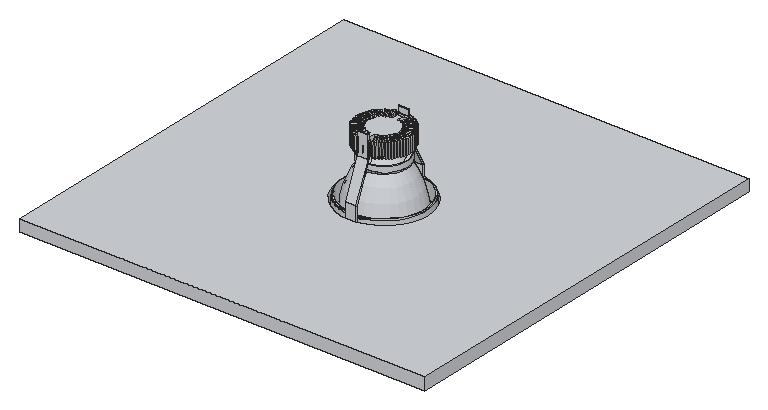
Revit family "VPX143 Downlighter", category Lighting Fixtures, Revit 2014
Parameters (values of type "VPX143")
  Wattage Comments = "19.5"
  Wattage = 19.5 W
  built-in parameter 1150110 = 1 (stored number, unit not read)
  Type Comments = "Recessed"
  Type = "VPX143"
  built-in parameter 1114217 = 1 (stored number, unit not read)
  built-in parameter 1150109 = 1 (stored number, unit not read)
  built-in parameter 1150134 = (empty or 0)
  built-in parameter 1150113 = 1 (stored number, unit not read)
  O/A Diameter (mm) = "143"
  Model = "VPX143"
  Manufacturer = "Designed Architectural Lighting"
  Luminous flux of luminaire (lm) = "2000"
  Lumens = 1998.75 lm
  built-in parameter 1150115 = 1 (stored number, unit not read)
  built-in parameter 1150105 = 636.22 (stored number, unit not read)
  Light Source Symbol Size = 609.6 mm
  built-in parameter 1150137 = (empty or 0)
  built-in parameter 1150139 = (empty or 0)
  built-in parameter 1150112 = 1 (stored number, unit not read)
  built-in parameter 1150114 = 1 (stored number, unit not read)
  Lamp = "LED"
  built-in parameter 1150132 = (empty or 0)
  built-in parameter 1150102 = (empty or 0)
  built-in parameter 1150138 = (empty or 0)
  built-in parameter 1150107 = 3000 (stored number, unit not read)
  built-in parameter 1150106 = 6.3622 (stored number, unit not read)
  Height (mm) = "125"
  built-in parameter 1150104 = 9.5226 (stored number, unit not read)
  Dimming Lamp Color Temperature Shift = <None>
  Description = "Recessed low brightness LED downlighter"
  Cut Out (mm) = "131"
  Colour temperature (K) = "27000/3000/3500/4000"
  Color Filter = 16777215
  CRI = "80"
  built-in parameter 1114218 = 1 (stored number, unit not read)
  built-in parameter 1150133 = 10 (stored number, unit not read)
  Apparent Load = 19.5 VA
  Aperture (mm) = "100"
Reference planes
  plane 1 "Light Source Axis (F/B)": y = 0
  plane 2: z = 0
  plane 3 "Light Source Axis (L/R)": x = 0
  plane 4 "Light Source Elevation": z = 0
Forms (mm)
  Revolve 1, solid
    sketch origin (0, 0, 0) x (0, 1, 0) y (0, 0, 1)
      loop
        line (32.218, 76.537) -> (28.444, 76.537)
        arc (28.444, 76.537) -> (26.215, 75.748) -> (24.979, 73.732) r 3.542
        arc (24.979, 73.732) -> (15.057, 61.32) -> (0, 56.241) r 28.205
        line (0, 56.241) -> (0, 53.625)
        arc (0, 53.625) -> (17.499, 59.158) -> (28.444, 73.891) r 29.818
        line (28.444, 73.891) -> (32.218, 73.891) -> (32.218, 76.537)
      axis (0, 76.537) -> (0, 53.625)
    angle from 0 to 360
  Extrusion 2, solid
    sketch origin (1.875, -0.625, 0) x (1, 0, 0) y (0, 1, 0)
      loop
        line (-8.491, -38.066) -> (-8.491, -39.735) -> (6.509, -39.735) -> (6.509, -38.066) -> (-8.491, -38.066)
    from 92.996 to 125.22
  Extrusion 3, solid
    sketch origin (2.075, 80.578, 0) x (1, 0, 0) y (0, 1, 0)
      loop
        line (-9.083, -44.263) -> (-9.083, -45.652) -> (5.917, -45.652) -> (5.917, -44.263) -> (-9.083, -44.263)
    from 92.996 to 126.242
  Extrusion 4, solid
    sketch origin (2.075, -30.991, 0) x (1, 0, 0) y (0, 1, 0)
      loop
        line (-8.69, -30.82) -> (-8.69, -32.379) -> (6.31, -32.379) -> (6.31, -30.82) -> (-8.69, -30.82)
    from 3.8 to 40.975
  Extrusion 5, solid
    sketch origin (2.075, -21.759, 34.16) x (1, 0, 0) y (0, 0.914866, -0.403758)
      loop
        line (-8.69, -39.191) -> (-8.69, -40.839) -> (6.31, -40.839) -> (6.31, -39.191) -> (-8.69, -39.191)
    from -10.751 to 47.238
  Extrusion 6, solid
    sketch origin (2.075, 94.051, 69.507) x (1, 0, 0) y (0, 0.889554, 0.45683)
      loop
        line (-9.083, -40.714) -> (-9.083, -41.951) -> (5.917, -41.951) -> (5.917, -40.714) -> (-9.083, -40.714)
    from -11.237 to 48.07
  Extrusion 7, solid
    sketch origin (2.075, 110.905, 0) x (1, 0, 0) y (0, 1, 0)
      loop
        line (-9.083, -47.907) -> (-9.083, -49.183) -> (5.917, -49.183) -> (5.917, -47.907) -> (-9.083, -47.907)
    from 3.8 to 40.975
  Revolve 8, solid
    sketch origin (-0.002, -0.001, 0) x (0, 1, 0) y (0, 0, 1)
      loop
        line (51.509, 0) -> (61.509, 0) -> (61.509, 1.419) -> (53.446, 1.419)
        arc (53.446, 1.419) -> (47.529, 38.453) -> (29.678, 71.437) r 111.611
        arc (29.678, 71.437) -> (29.923, 72.028) -> (30.514, 72.273) r 0.836
        line (30.514, 72.273) -> (33.262, 72.273)
        arc (33.262, 72.273) -> (34.281, 72.91) -> (34.679, 74.044) r 1.816
        line (34.679, 74.044) -> (34.679, 82.273) -> (33.262, 82.273) -> (33.262, 73.732) -> (29.268, 73.732)
        arc (29.268, 73.732) -> (28.406, 72.748) -> (27.978, 71.512) r 3.409
        arc (27.978, 71.512) -> (46.014, 37.819) -> (51.509, 0) r 110.622
      axis (0, 82.273) -> (0, 0)
    angle from 0 to 360
  Revolve 9, solid
    sketch origin (0, -0.008, 0) x (0, 1, 0) y (0, 0, 1)
      loop
        line (71.987, 0) -> (71.987, 2.117) -> (63.944, 2.117) -> (63.944, 3.8) -> (61.663, 3.8) -> (61.663, 24.673) -> (60.84, 24.673) -> (60.84, 26.768) -> (59.68, 26.768) -> (59.68, 1.768) -> (61.999, 1.768) -> (61.999, 0) -> (71.987, 0)
      axis (0, 26.768) -> (0, 0)
    angle from 0 to 360
  Extrusion 10, solid
    sketch origin (-38.915, -66.166, 2.266) x (1, 0, 0) y (0, 1, 0)
      loop
        line (-261.085, 366.181) -> (-261.085, -233.819) -> (338.915, -233.819) -> (338.915, 366.181) -> (-261.085, 366.181)
      loop
        circle (38.915, 66.181) r 65.5
    from 0 to 18
  Revolve 11, solid
    sketch origin (0, 0, 0) x (0, 1, 0) y (0, 0, 1)
      loop
        line (32.58, 77.504) -> (25.618, 77.504) -> (19.543, 86.509)
        arc (19.543, 86.509) -> (19.242, 88.412) -> (20.857, 89.461) r 1.768
        line (20.857, 89.461) -> (27.065, 89.461)
        arc (27.065, 89.461) -> (28.652, 90.036) -> (29.779, 91.291) r 3.466
        line (29.779, 91.291) -> (29.779, 96.291) -> (28.776, 96.291) -> (28.776, 92.372)
        arc (28.776, 92.372) -> (28.206, 90.996) -> (26.83, 90.426) r 1.946
        line (26.83, 90.426) -> (20.734, 90.426)
        arc (20.734, 90.426) -> (18.503, 89.004) -> (18.665, 86.364) r 2.606
        line (18.665, 86.364) -> (25.283, 76.552) -> (32.58, 76.552) -> (32.58, 77.504)
      axis (0, 96.291) -> (0, 76.552)
    angle from 0 to 360
  Extrusion 12, solid
    sketch origin (0.632, -2.118, 0) x (0, 1, 0) y (-1, 0, 0)
      loop
        line (8.036, -21.346) -> (9.763, -25.224)
        arc (9.763, -25.224) -> (9.158, -26.377) -> (9.105, -27.677) r 2.965
        line (9.105, -27.677) -> (12.96, -37.219)
        arc (12.96, -37.219) -> (13.673, -37.522) -> (13.976, -36.809) r 0.548
        line (13.976, -36.809) -> (10.23, -27.537)
        arc (10.23, -27.537) -> (10.843, -26.092) -> (12.288, -26.705) r 1.11
        line (12.288, -26.705) -> (16.28, -35.672)
        arc (16.28, -35.672) -> (17.02, -35.956) -> (17.304, -35.216) r 0.56
        line (17.304, -35.216) -> (13.182, -25.959)
        arc (13.182, -25.959) -> (12.31, -24.958) -> (11.028, -24.618) r 2.262
        line (11.028, -24.618) -> (9.403, -20.596) -> (11.989, -19.445) -> (14.463, -22.849)
        arc (14.463, -22.849) -> (14.111, -24.102) -> (14.33, -25.385) r 2.965
        line (14.33, -25.385) -> (20.084, -33.917)
        arc (20.084, -33.917) -> (20.845, -34.065) -> (20.992, -33.305) r 0.548
        line (20.992, -33.305) -> (15.4, -25.014)
        arc (15.4, -25.014) -> (15.7, -23.474) -> (17.241, -23.773) r 1.11
        line (17.241, -23.773) -> (23.009, -31.713)
        arc (23.009, -31.713) -> (23.792, -31.837) -> (23.916, -31.055) r 0.56
        line (23.916, -31.055) -> (17.96, -22.857)
        arc (17.96, -22.857) -> (16.899, -22.059) -> (15.574, -21.994) r 2.262
        line (15.574, -21.994) -> (13.148, -18.397) -> (15.119, -16.427) -> (18.389, -19.585)
        arc (18.389, -19.585) -> (18.26, -20.88) -> (18.699, -22.105) r 2.965
        line (18.699, -22.105) -> (25.847, -29.508)
        arc (25.847, -29.508) -> (26.622, -29.522) -> (26.635, -28.747) r 0.548
        line (26.635, -28.747) -> (19.689, -21.554)
        arc (19.689, -21.554) -> (19.716, -19.985) -> (21.285, -20.012) r 1.11
        line (21.285, -20.012) -> (28.346, -26.83)
        arc (28.346, -26.83) -> (29.138, -26.816) -> (29.124, -26.024) r 0.56
        line (29.124, -26.024) -> (21.835, -18.985)
        arc (21.835, -18.985) -> (20.652, -18.383) -> (19.335, -18.549) r 2.262
        line (19.335, -18.549) -> (16.322, -15.429) -> (18.148, -13.304) -> (21.857, -15.622)
        arc (21.857, -15.622) -> (22.001, -16.916) -> (22.684, -18.023) r 2.965
        line (22.684, -18.023) -> (31.216, -23.778)
        arc (31.216, -23.778) -> (31.976, -23.63) -> (31.828, -22.87) r 0.548
        line (31.828, -22.87) -> (23.538, -17.278)
        arc (23.538, -17.278) -> (23.238, -15.737) -> (24.779, -15.438) r 1.11
        line (24.779, -15.438) -> (33.102, -20.639)
        arc (33.102, -20.639) -> (33.874, -20.461) -> (33.696, -19.689) r 0.56
        line (33.696, -19.689) -> (25.103, -14.319)
        arc (25.103, -14.319) -> (23.821, -13.977) -> (22.567, -14.412) r 2.262
        line (22.567, -14.412) -> (18.971, -11.987) -> (20.87, -9.394) -> (24.954, -10.962)
        arc (24.954, -10.962) -> (25.341, -12.204) -> (26.224, -13.161) r 2.965
        line (26.224, -13.161) -> (35.697, -17.182)
        arc (35.697, -17.182) -> (36.415, -16.892) -> (36.125, -16.174) r 0.548
        line (36.125, -16.174) -> (26.92, -12.267)
        arc (26.92, -12.267) -> (26.332, -10.811) -> (27.787, -10.224) r 1.11
        line (27.787, -10.224) -> (36.95, -13.741)
        arc (36.95, -13.741) -> (37.673, -13.419) -> (37.351, -12.695) r 0.56
        line (37.351, -12.695) -> (27.891, -9.063)
        arc (27.891, -9.063) -> (26.567, -8.972) -> (25.42, -9.639) r 2.262
        line (25.42, -9.639) -> (21.427, -7.944) -> (22.262, -3.209) -> (24.741, -3.209)
        arc (24.741, -3.209) -> (29.592, -5.948) -> (34.984, -7.347) r 21.462
        line (34.984, -7.347) -> (36.065, -8.428) -> (39.133, -8.428) -> (39.133, -7.36) -> (36.601, -7.36) -> (36.601, 7.64) -> (39.186, 7.64) -> (39.186, 8.514) -> (36.351, 8.514) -> (34.984, 7.592) -> (34.984, -2.408)
        arc (34.984, -2.408) -> (34.341, -3.853) -> (32.76, -3.798) r 1.415
        line (32.76, -3.798) -> (31.024, -2.537) -> (31.024, 3.409) -> (22.339, 3.409) -> (21.555, 7.853) -> (25.597, 9.568)
        arc (25.597, 9.568) -> (26.744, 8.901) -> (28.067, 8.992) r 2.262
        line (28.067, 8.992) -> (37.528, 12.624)
        arc (37.528, 12.624) -> (37.85, 13.348) -> (37.126, 13.67) r 0.56
        line (37.126, 13.67) -> (27.963, 10.153)
        arc (27.963, 10.153) -> (26.508, 10.741) -> (27.096, 12.196) r 1.11
        line (27.096, 12.196) -> (36.301, 16.103)
        arc (36.301, 16.103) -> (36.591, 16.821) -> (35.873, 17.111) r 0.548
        line (35.873, 17.111) -> (26.4, 13.09)
        arc (26.4, 13.09) -> (25.518, 12.133) -> (25.13, 10.891) r 2.965
        line (25.13, 10.891) -> (21.047, 9.323) -> (19.147, 11.916) -> (22.744, 14.341)
        arc (22.744, 14.341) -> (23.997, 13.906) -> (25.279, 14.248) r 2.262
        line (25.279, 14.248) -> (33.873, 19.618)
        arc (33.873, 19.618) -> (34.051, 20.39) -> (33.279, 20.568) r 0.56
        line (33.279, 20.568) -> (24.955, 15.367)
        arc (24.955, 15.367) -> (23.415, 15.666) -> (23.714, 17.207) r 1.11
        line (23.714, 17.207) -> (32.005, 22.799)
        arc (32.005, 22.799) -> (32.152, 23.559) -> (31.392, 23.707) r 0.548
        line (31.392, 23.707) -> (22.861, 17.952)
        arc (22.861, 17.952) -> (22.177, 16.845) -> (22.034, 15.551) r 2.965
        line (22.034, 15.551) -> (18.324, 13.233) -> (16.498, 15.358) -> (19.512, 18.478)
        arc (19.512, 18.478) -> (20.828, 18.312) -> (22.011, 18.914) r 2.262
        line (22.011, 18.914) -> (29.3, 25.953)
        arc (29.3, 25.953) -> (29.314, 26.745) -> (28.522, 26.759) r 0.56
        line (28.522, 26.759) -> (21.462, 19.941)
        arc (21.462, 19.941) -> (19.893, 19.914) -> (19.865, 21.483) r 1.11
        line (19.865, 21.483) -> (26.812, 28.676)
        arc (26.812, 28.676) -> (26.798, 29.451) -> (26.024, 29.437) r 0.548
        line (26.024, 29.437) -> (18.875, 22.034)
        arc (18.875, 22.034) -> (18.437, 20.809) -> (18.566, 19.514) r 2.965
        line (18.566, 19.514) -> (15.419, 16.475) -> (13.325, 18.326) -> (15.751, 21.923)
        arc (15.751, 21.923) -> (17.076, 21.988) -> (18.136, 22.786) r 2.262
        line (18.136, 22.786) -> (24.092, 30.984)
        arc (24.092, 30.984) -> (23.969, 31.766) -> (23.186, 31.642) r 0.56
        line (23.186, 31.642) -> (17.417, 23.702)
        arc (17.417, 23.702) -> (15.876, 23.403) -> (15.577, 24.943) r 1.11
        line (15.577, 24.943) -> (21.169, 33.234)
        arc (21.169, 33.234) -> (21.021, 33.994) -> (20.261, 33.846) r 0.548
        line (20.261, 33.846) -> (14.506, 25.315)
        arc (14.506, 25.315) -> (14.287, 24.031) -> (14.639, 22.778) r 2.965
        line (14.639, 22.778) -> (12.068, 19.24) -> (9.579, 20.525) -> (11.204, 24.548)
        arc (11.204, 24.548) -> (12.487, 24.887) -> (13.358, 25.888) r 2.262
        line (13.358, 25.888) -> (17.48, 35.145)
        arc (17.48, 35.145) -> (17.196, 35.885) -> (16.456, 35.601) r 0.56
        line (16.456, 35.601) -> (12.464, 26.634)
        arc (12.464, 26.634) -> (11.02, 26.021) -> (10.406, 27.466) r 1.11
        line (10.406, 27.466) -> (14.152, 36.738)
        arc (14.152, 36.738) -> (13.85, 37.451) -> (13.137, 37.148) r 0.548
        line (13.137, 37.148) -> (9.282, 27.606)
        arc (9.282, 27.606) -> (9.334, 26.306) -> (9.939, 25.153) r 2.965
        line (9.939, 25.153) -> (8.16, 21.157) -> (5.456, 21.949) -> (6.209, 26.222)
        arc (6.209, 26.222) -> (7.393, 26.82) -> (8.038, 27.98) r 2.262
        line (8.038, 27.98) -> (10.144, 37.892)
        arc (10.144, 37.892) -> (9.713, 38.557) -> (9.048, 38.125) r 0.56
        line (9.048, 38.125) -> (7.008, 28.525)
        arc (7.008, 28.525) -> (5.722, 27.625) -> (4.822, 28.91) r 1.11
        line (4.822, 28.91) -> (6.558, 38.758)
        arc (6.558, 38.758) -> (6.114, 39.393) -> (5.48, 38.949) r 0.548
        line (5.48, 38.949) -> (3.693, 28.814)
        arc (3.693, 28.814) -> (4.015, 27.553) -> (4.846, 26.551) r 2.965
        line (4.846, 26.551) -> (3.936, 22.272) -> (0.629, 22.571) -> (0.629, 26.945)
        arc (0.629, 26.945) -> (1.65, 27.752) -> (2.227, 28.919) r 2.965
        line (2.227, 28.919) -> (2.586, 39.204)
        arc (2.586, 39.204) -> (2.058, 39.77) -> (1.492, 39.242) r 0.548
        line (1.492, 39.242) -> (1.143, 29.248)
        arc (1.143, 29.248) -> (-0.005, 28.178) -> (-1.076, 29.325) r 1.11
        line (-1.076, 29.325) -> (-1.076, 39.14)
        arc (-1.076, 39.14) -> (-1.636, 39.7) -> (-2.196, 39.14) r 0.56
        line (-2.196, 39.14) -> (-2.196, 29.007)
        arc (-2.196, 29.007) -> (-1.807, 27.738) -> (-0.773, 26.906) r 2.262
        line (-0.773, 26.906) -> (-0.925, 22.571) -> (-3.664, 22.35) -> (-4.573, 26.629)
        arc (-4.573, 26.629) -> (-3.742, 27.631) -> (-3.42, 28.892) r 2.965
        line (-3.42, 28.892) -> (-5.207, 39.026)
        arc (-5.207, 39.026) -> (-5.842, 39.471) -> (-6.286, 38.836) r 0.548
        line (-6.286, 38.836) -> (-4.55, 28.988)
        arc (-4.55, 28.988) -> (-5.45, 27.703) -> (-6.735, 28.603) r 1.11
        line (-6.735, 28.603) -> (-8.776, 38.203)
        arc (-8.776, 38.203) -> (-9.441, 38.635) -> (-9.872, 37.97) r 0.56
        line (-9.872, 37.97) -> (-7.765, 28.058)
        arc (-7.765, 28.058) -> (-7.121, 26.898) -> (-5.937, 26.3) r 2.262
        line (-5.937, 26.3) -> (-5.184, 22.027) -> (-7.888, 21.235) -> (-9.667, 25.231)
        arc (-9.667, 25.231) -> (-9.062, 26.384) -> (-9.009, 27.684) r 2.965
        line (-9.009, 27.684) -> (-12.864, 37.226)
        arc (-12.864, 37.226) -> (-13.577, 37.529) -> (-13.88, 36.816) r 0.548
        line (-13.88, 36.816) -> (-10.134, 27.544)
        arc (-10.134, 27.544) -> (-10.747, 26.099) -> (-12.192, 26.712) r 1.11
        line (-12.192, 26.712) -> (-16.184, 35.679)
        arc (-16.184, 35.679) -> (-16.924, 35.963) -> (-17.208, 35.223) r 0.56
        line (-17.208, 35.223) -> (-13.086, 25.966)
        arc (-13.086, 25.966) -> (-12.215, 24.965) -> (-10.932, 24.625) r 2.262
        line (-10.932, 24.625) -> (-9.307, 20.603) -> (-11.796, 19.318) -> (-14.367, 22.856)
        arc (-14.367, 22.856) -> (-14.015, 24.109) -> (-14.234, 25.393) r 2.965
        line (-14.234, 25.393) -> (-19.988, 33.924)
        arc (-19.988, 33.924) -> (-20.749, 34.072) -> (-20.897, 33.312) r 0.548
        line (-20.897, 33.312) -> (-15.305, 25.021)
        arc (-15.305, 25.021) -> (-15.604, 23.481) -> (-17.145, 23.78) r 1.11
        line (-17.145, 23.78) -> (-22.914, 31.72)
        arc (-22.914, 31.72) -> (-23.696, 31.844) -> (-23.82, 31.062) r 0.56
        line (-23.82, 31.062) -> (-17.864, 22.864)
        arc (-17.864, 22.864) -> (-16.804, 22.066) -> (-15.478, 22.001) r 2.262
        line (-15.478, 22.001) -> (-13.053, 18.404) -> (-15.147, 16.553) -> (-18.293, 19.592)
        arc (-18.293, 19.592) -> (-18.165, 20.887) -> (-18.603, 22.112) r 2.965
        line (-18.603, 22.112) -> (-25.752, 29.515)
        arc (-25.752, 29.515) -> (-26.526, 29.529) -> (-26.54, 28.754) r 0.548
        line (-26.54, 28.754) -> (-19.593, 21.561)
        arc (-19.593, 21.561) -> (-19.62, 19.992) -> (-21.19, 20.019) r 1.11
        line (-21.19, 20.019) -> (-28.25, 26.837)
        arc (-28.25, 26.837) -> (-29.042, 26.823) -> (-29.028, 26.031) r 0.56
        line (-29.028, 26.031) -> (-21.739, 18.992)
        arc (-21.739, 18.992) -> (-20.556, 18.39) -> (-19.24, 18.556) r 2.262
        line (-19.24, 18.556) -> (-16.226, 15.436) -> (-18.052, 13.311) -> (-21.761, 15.629)
        arc (-21.761, 15.629) -> (-21.905, 16.923) -> (-22.588, 18.03) r 2.965
        line (-22.588, 18.03) -> (-31.12, 23.785)
        arc (-31.12, 23.785) -> (-31.88, 23.637) -> (-31.732, 22.877) r 0.548
        line (-31.732, 22.877) -> (-23.442, 17.285)
        arc (-23.442, 17.285) -> (-23.143, 15.744) -> (-24.683, 15.445) r 1.11
        line (-24.683, 15.445) -> (-33.007, 20.646)
        arc (-33.007, 20.646) -> (-33.779, 20.468) -> (-33.6, 19.696) r 0.56
        line (-33.6, 19.696) -> (-25.007, 14.326)
        arc (-25.007, 14.326) -> (-23.725, 13.984) -> (-22.472, 14.419) r 2.262
        line (-22.472, 14.419) -> (-18.979, 12.063) -> (-20.774, 9.401) -> (-24.858, 10.969)
        arc (-24.858, 10.969) -> (-25.245, 12.211) -> (-26.128, 13.168) r 2.965
        line (-26.128, 13.168) -> (-35.601, 17.189)
        arc (-35.601, 17.189) -> (-36.319, 16.899) -> (-36.029, 16.181) r 0.548
        line (-36.029, 16.181) -> (-26.824, 12.274)
        arc (-26.824, 12.274) -> (-26.236, 10.819) -> (-27.691, 10.231) r 1.11
        line (-27.691, 10.231) -> (-36.854, 13.748)
        arc (-36.854, 13.748) -> (-37.578, 13.426) -> (-37.255, 12.702) r 0.56
        line (-37.255, 12.702) -> (-27.795, 9.07)
        arc (-27.795, 9.07) -> (-26.471, 8.979) -> (-25.324, 9.646) r 2.262
        line (-25.324, 9.646) -> (-21.289, 7.933) -> (-22.142, 3.096) -> (-24.544, 3.096)
        arc (-24.544, 3.096) -> (-29.395, 5.836) -> (-34.788, 7.235) r 21.462
        line (-34.788, 7.235) -> (-35.869, 8.316) -> (-38.936, 8.316) -> (-38.936, 7.247) -> (-36.404, 7.247) -> (-36.404, -7.753) -> (-38.989, -7.753) -> (-38.989, -8.626) -> (-36.154, -8.626) -> (-34.788, -7.705) -> (-34.788, 2.295)
        arc (-34.788, 2.295) -> (-34.144, 3.741) -> (-32.563, 3.686) r 1.415
        line (-32.563, 3.686) -> (-30.827, 2.424) -> (-30.827, -3.521) -> (-22.142, -3.521) -> (-21.155, -7.866) -> (-25.148, -9.561)
        arc (-25.148, -9.561) -> (-26.295, -8.894) -> (-27.619, -8.985) r 2.262
        line (-27.619, -8.985) -> (-37.079, -12.617)
        arc (-37.079, -12.617) -> (-37.401, -13.341) -> (-36.677, -13.663) r 0.56
        line (-36.677, -13.663) -> (-27.514, -10.146)
        arc (-27.514, -10.146) -> (-26.059, -10.734) -> (-26.647, -12.189) r 1.11
        line (-26.647, -12.189) -> (-35.852, -16.096)
        arc (-35.852, -16.096) -> (-36.142, -16.814) -> (-35.424, -17.104) r 0.548
        line (-35.424, -17.104) -> (-25.951, -13.083)
        arc (-25.951, -13.083) -> (-25.069, -12.126) -> (-24.681, -10.884) r 2.965
        line (-24.681, -10.884) -> (-20.598, -9.316) -> (-18.802, -11.978) -> (-22.295, -14.334)
        arc (-22.295, -14.334) -> (-23.548, -13.899) -> (-24.83, -14.241) r 2.262
        line (-24.83, -14.241) -> (-33.424, -19.611)
        arc (-33.424, -19.611) -> (-33.602, -20.383) -> (-32.83, -20.561) r 0.56
        line (-32.83, -20.561) -> (-24.507, -15.36)
        arc (-24.507, -15.36) -> (-22.966, -15.659) -> (-23.266, -17.2) r 1.11
        line (-23.266, -17.2) -> (-31.556, -22.792)
        arc (-31.556, -22.792) -> (-31.704, -23.552) -> (-30.943, -23.7) r 0.548
        line (-30.943, -23.7) -> (-22.412, -17.945)
        arc (-22.412, -17.945) -> (-21.728, -16.838) -> (-21.585, -15.544) r 2.965
        line (-21.585, -15.544) -> (-17.876, -13.226) -> (-16.05, -15.351) -> (-19.063, -18.471)
        arc (-19.063, -18.471) -> (-20.38, -18.305) -> (-21.562, -18.907) r 2.262
        line (-21.562, -18.907) -> (-28.852, -25.946)
        arc (-28.852, -25.946) -> (-28.866, -26.738) -> (-28.073, -26.752) r 0.56
        line (-28.073, -26.752) -> (-21.013, -19.934)
        arc (-21.013, -19.934) -> (-19.444, -19.907) -> (-19.417, -21.476) r 1.11
        line (-19.417, -21.476) -> (-26.363, -28.669)
        arc (-26.363, -28.669) -> (-26.35, -29.444) -> (-25.575, -29.43) r 0.548
        line (-25.575, -29.43) -> (-18.426, -22.027)
        arc (-18.426, -22.027) -> (-17.988, -20.802) -> (-18.117, -19.507) r 2.965
        line (-18.117, -19.507) -> (-14.971, -16.468) -> (-12.876, -18.319) -> (-15.302, -21.916)
        arc (-15.302, -21.916) -> (-16.627, -21.981) -> (-17.688, -22.779) r 2.262
        line (-17.688, -22.779) -> (-23.644, -30.977)
        arc (-23.644, -30.977) -> (-23.52, -31.759) -> (-22.737, -31.635) r 0.56
        line (-22.737, -31.635) -> (-16.968, -23.695)
        arc (-16.968, -23.695) -> (-15.428, -23.396) -> (-15.128, -24.936) r 1.11
        line (-15.128, -24.936) -> (-20.72, -33.227)
        arc (-20.72, -33.227) -> (-20.572, -33.987) -> (-19.812, -33.839) r 0.548
        line (-19.812, -33.839) -> (-14.057, -25.308)
        arc (-14.057, -25.308) -> (-13.838, -24.024) -> (-14.19, -22.771) r 2.965
        line (-14.19, -22.771) -> (-11.619, -19.233) -> (-9.13, -20.518) -> (-10.756, -24.541)
        arc (-10.756, -24.541) -> (-12.038, -24.88) -> (-12.91, -25.881) r 2.262
        line (-12.91, -25.881) -> (-17.031, -35.138)
        arc (-17.031, -35.138) -> (-16.747, -35.878) -> (-16.008, -35.594) r 0.56
        line (-16.008, -35.594) -> (-12.016, -26.627)
        arc (-12.016, -26.627) -> (-10.571, -26.014) -> (-9.958, -27.459) r 1.11
        line (-9.958, -27.459) -> (-13.704, -36.731)
        arc (-13.704, -36.731) -> (-13.401, -37.444) -> (-12.688, -37.141) r 0.548
        line (-12.688, -37.141) -> (-8.833, -27.599)
        arc (-8.833, -27.599) -> (-8.886, -26.299) -> (-9.49, -25.146) r 2.965
        line (-9.49, -25.146) -> (-7.711, -21.15) -> (-5.621, -22.23) -> (-6.224, -26.518)
        arc (-6.224, -26.518) -> (-7.386, -27.158) -> (-7.99, -28.34) r 2.262
        line (-7.99, -28.34) -> (-9.749, -38.319)
        arc (-9.749, -38.319) -> (-9.295, -38.968) -> (-8.646, -38.514) r 0.56
        line (-8.646, -38.514) -> (-6.942, -28.848)
        arc (-6.942, -28.848) -> (-5.688, -27.904) -> (-4.744, -29.157) r 1.11
        line (-4.744, -29.157) -> (-6.135, -39.06)
        arc (-6.135, -39.06) -> (-5.669, -39.678) -> (-5.051, -39.212) r 0.548
        line (-5.051, -39.212) -> (-3.618, -29.021)
        arc (-3.618, -29.021) -> (-3.984, -27.772) -> (-4.85, -26.8) r 2.965
        line (-4.85, -26.8) -> (-4.09, -22.492) -> (-0.819, -23.069) -> (-0.666, -27.446)
        arc (-0.666, -27.446) -> (-1.7, -28.278) -> (-2.089, -29.546) r 2.262
        line (-2.089, -29.546) -> (-2.089, -39.679)
        arc (-2.089, -39.679) -> (-1.529, -40.24) -> (-0.968, -39.679) r 0.56
        line (-0.968, -39.679) -> (-0.968, -29.865)
        arc (-0.968, -29.865) -> (0.102, -28.717) -> (1.25, -29.787) r 1.11
        line (1.25, -29.787) -> (1.599, -39.781)
        arc (1.599, -39.781) -> (2.165, -40.309) -> (2.694, -39.743) r 0.548
        line (2.694, -39.743) -> (2.334, -29.458)
        arc (2.334, -29.458) -> (1.757, -28.291) -> (0.736, -27.484) r 2.965
        line (0.736, -27.484) -> (0.736, -23.11) -> (4.345, -22.474) -> (5.122, -26.878)
        arc (5.122, -26.878) -> (4.256, -27.85) -> (3.891, -29.099) r 2.965
        line (3.891, -29.099) -> (5.323, -39.29)
        arc (5.323, -39.29) -> (5.941, -39.756) -> (6.408, -39.138) r 0.548
        line (6.408, -39.138) -> (5.016, -29.235)
        arc (5.016, -29.235) -> (5.96, -27.981) -> (7.214, -28.926) r 1.11
        line (7.214, -28.926) -> (8.918, -38.592)
        arc (8.918, -38.592) -> (9.567, -39.046) -> (10.022, -38.397) r 0.56
        line (10.022, -38.397) -> (8.262, -28.418)
        arc (8.262, -28.418) -> (7.658, -27.236) -> (6.496, -26.596) r 2.262
        line (6.496, -26.596) -> (5.892, -22.3) -> (8.036, -21.346)
    from 96.291 to 117.627
Dimensions and locks
  aligned and locked: plane 3 "Light Source Axis (L/R)" to imposter light
  aligned and locked: plane 1 "Light Source Axis (F/B)" to imposter light
  aligned and locked: plane 4 "Light Source Elevation" to imposter light
  aligned and locked: level to plane 2
